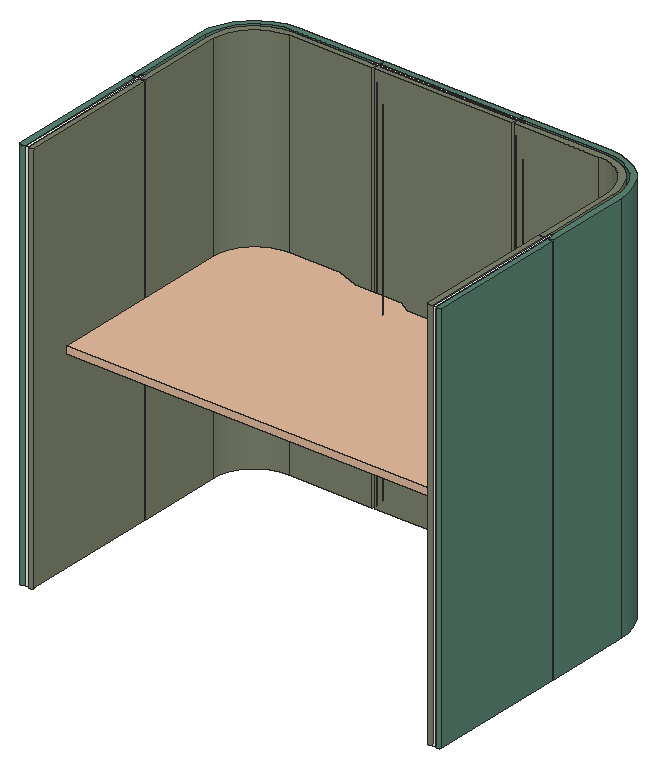
Revit family "NBS_Senator_MeetingPods_EnclaveOne", category Furniture, Revit 2018
Family settings
  Work Plane-Based = No
  Always vertical = Yes
  Cut with Voids When Loaded = No
  Shared = No
  Room Calculation Point = No
Parameters (values of type "PDEN114")
  WarrantyStartDate [instance] = "1900-12-31T23:59:59"
  WarrantyGuarantorParts = "contactus@thesenatorgroup.com"
  WarrantyGuarantorLabor = "n/a"
  WarrantyDurationUnit = "year"
  WarrantyDurationParts = "10"
  WarrantyDurationLabor = "n/a"
  WarrantyDescription = "Senator warrants that its manufactured products are free from manufacturing defects - in materials or workmanship - for a period of ten (10) years on Senator Seating ranges; and fifteen (15) years on Senator Desking ranges - exceptions are listed below. Senator will repair or replace (at Senator’s sole discretion) with comparable free of charge materials / components, any product / component, which fails under normal use in a single shift environment, as a result of a defect in the materials and / or workmanship."
  Version = "1"  # constant formula
  Uniclass2015Version = "Products v1.16"
  Uniclass2015Title = "Meeting Pods"
  Uniclass2015Code = "Pr_40_50_12_53"
  TagNumber [instance] = "n/a"
  SustainabilityPerformance = "99% recyclable"
  Style = "Pods"
  Status = "UNSET"
  Size = "1000 x 1500 x 1400 mm"
  Shape = "n/a"
  SerialNumber [instance] = "n/a"
  SeatWidth = "n/a"
  SeatDepth = "n/a"
  Revision = "n/a"
  ReplacementCost = "n/a"
  Reference = "n/a"
  ProductInformation = "http://www.thesenatorgroup.com/uk/senator/"
  NominalWidth = 1500 mm
  NominalLength = 1500 mm
  NominalHeight = 1400 mm
  NominalDepth = 1000 mm
  Name = "MeetingPods_EnclaveOne_PDEN114_Senator"
  NBSReference = "45-35-20/342"
  NBSDescription = "Meeting pods"
  NBSCertification = "www.nationalbimlibrary.com/cert/4n0gsb3g"
  ModelReference = "Pods-EnclaveOne_PDEN114"
  ModelNumber = "PDEN114"
  Material = "Fabric, metal, plastic"
  ManufacturerURL = "www.senator.co.uk"
  ManufacturerName = "The Senator Group"  # constant formula
  Manufacturer = "sales@senator.co.uk"
  MainColor = "n/a"
  IsBuiltIn = no
  InstallationDate [instance] = "1900-12-31T23:59:59"
  InnerPanelMaterial = NBS_Senator_VirginWool_Lancaster
  OuterPanelMaterial = NBS_Senator_VirginWool_Montcrest
  IfcExportType = "USERDEFINED"  # constant formula
  IfcExportAs = "IfcFurnitureType"  # constant formula
  Grade = "n/a"
  FramesColour = "Black, white"
  FrameMaterial = NBS_Senator_Aluminium_Rigid_Silver
  FinishOptions = "Carini walnut, mocha, autumn, strata oak, maple, highland oak, beech, winter oak, hacienda white, white, light grey, denim, clay, lemon sorbet"
  Finish = "Outer vertical panels upholstered in camira, blazer fabric Two tone is standard"
  Features = "Internal frame with multi-layered acoustic foam, levelling adjusters, blazer fabric, outer vertical panels"
  FabricFinishOptions = "Plymouth, fairfield, latymer, lancaster, silcoates, silverdale, st andrews, trevelyan, ulster, wellington, wesley, manchester,"
  ExpectedLife = "10"
  EnclaveOneWidth = 1500 mm  # constant formula
  EnclaveOneHeight = 1400 mm
  EnclaveOneDepth = 1000 mm  # constant formula
  TableTopMaterial = NBS_Senator_Wood_HighlandOak_2
  DurationUnit = "year"
  Description = "Enclave One - 1400mm high"
  Constituents = "n/a"
  Color = "n/a"
  CodePerformance = "n/a"
  Category = "Pr_40_50_12_53:Meeting pods"
  BarCode [instance] = "n/a"
  BIMObjectName = "NBS_Senator_MeetingPods_EnclaveOne_PDEN114"
  Author = "NBS"  # constant formula
  AssetType = "Fixed"
  AssetIdentifier [instance] = "n/a"
  Accessories = "Monitor arms, PU desk accessories, desk top accessories, CPU holders, electrical accessories, coat hanger, name plate, A2 dry wipe board with hanger, A3 dry wipe board with hanger"
  AccessibilityPerformance = "n/a"
Types (3, lengths in mm): name | WarrantyDescription | Size | NominalHeight | Name | ModelReference | ModelNumber | EnclaveOneHeight | Description | BIMObjectName
  (no name) | "Senator warrants that its manufactured products are free from manufacturing defects - in materials or workmanship - for a period of ten (10) years on Senator Seating ranges; and fifteen (15) years on Senator Desking ranges - exceptions are listed below. Senator will repair or replace (at Senator’s sole discretion) with comparable free of charge materials / components, any product / component, which fails under normal use in a single shift environment, as a result of a defect in the materials and / or workmanship." | "1000 x 1500 x 1400 mm" | 1400 | "MeetingPods_EnclaveOne_PDEN114_Senator" | "Pods-EnclaveOne_PDEN114" | "PDEN114" | 1400 | "Enclave One - 1400mm high" | "NBS_Senator_MeetingPods_EnclaveOne_PDEN114"
  PDEN114 | "Senator warrants that its manufactured products are free from manufacturing defects - in materials or workmanship - for a period of ten (10) years on Senator Seating ranges; and fifteen (15) years on Senator Desking ranges - exceptions are listed below. Senator will repair or replace (at Senator’s sole discretion) with comparable free of charge materials / components, any product / component, which fails under normal use in a single shift environment, as a result of a defect in the materials and / or workmanship." | "1000 x 1500 x 1400 mm" | 1400 | "MeetingPods_EnclaveOne_PDEN114_Senator" | "Pods-EnclaveOne_PDEN114" | "PDEN114" | 1400 | "Enclave One - 1400mm high" | "NBS_Senator_MeetingPods_EnclaveOne_PDEN114"
  PDEN118 | "Senator warrants that its manufactured products are free from manufacturing defects - in materials or workmanship - for a period of ten (10) years on Senator Seating ranges; and fifteen (15) years on Senator Desking ranges - exceptions are listed below. Senator will repair or replace (at Senator’s sole discretion) with comparable free of charge materials / components, any product / component, which fails under normal use in a single shift environment, as a result of a defect in the materials and / or workmanship" | "1000 x 1500 x 1800 mm" | 1800 | "MeetingPods_EnclaveOne_PDEN118_Senator" | "Pods-EnclaveOne_PDEN118" | "PDEN118" | 1800 | "Enclave One - 1800mm high" | "NBS_Senator_MeetingPods_EnclaveOne_PDEN118"
Reference planes
  plane 1 "Center (Front/Back)": y = 0
  plane 2: z = 0
  plane 3 "Center (Left/Right)": x = 0
  plane 4 "Left": x = -750
  plane 5 "Right": x = 750
  plane 6 "Back": y = 500
  plane 7 "Front": y = -500
  plane 8: x = -700
  plane 9: x = 700
  plane 10: y = 450
  plane 11: y = 480
  plane 12: y = 470
  plane 13: x = -730
  plane 14: x = -720
  plane 15: x = 720
  plane 16: x = 730
  plane 17 "Top": z = 1400
  plane 18: z = 710
Forms (mm)
  Extrusion 1, solid, material "NBS_Senator_VirginWool_Montcrest" <- "OuterPanelMaterial", detail levels fine
    sketch origin (0, 0, 0) x (1, 0, 0) y (0, 1, 0)
      loop
        arc (-555, 500) -> (-692.886, 442.886) -> (-750, 305) r 195
        line (-750, 305) -> (-750, 4.072)
        arc (-750, 4.072) -> (-740, -0.938) -> (-730, 4.072) r 12.484
        line (-730, 4.072) -> (-730, 305)
        arc (-730, 305) -> (-678.744, 428.744) -> (-555, 480) r 175
        line (-555, 480) -> (-254.15, 480)
        arc (-254.15, 480) -> (-249.022, 490) -> (-254.15, 500) r 12.314
        line (-254.15, 500) -> (-555, 500)
      loop
        arc (-750, -493.227) -> (-740, -500.002) -> (-730, -493.227) r 10.768
        line (-730, -493.227) -> (-730, -6.928)
        arc (-730, -6.928) -> (-740, -1.895) -> (-750, -6.928) r 12.452
        line (-750, -6.928) -> (-750, -493.227)
      loop
        arc (750, 305) -> (692.886, 442.886) -> (555, 500) r 195
        line (555, 500) -> (254.15, 500)
        arc (254.15, 500) -> (249.022, 490) -> (254.15, 480) r 12.314
        line (254.15, 480) -> (555, 480)
        arc (555, 480) -> (678.744, 428.744) -> (730, 305) r 175
        line (730, 305) -> (730, 4.072)
        arc (730, 4.072) -> (740, -0.928) -> (750, 4.072) r 12.5
        line (750, 4.072) -> (750, 305)
      loop
        arc (730, -493.227) -> (740, -500.001) -> (750, -493.227) r 10.768
        line (750, -493.227) -> (750, -6.928)
        arc (750, -6.928) -> (740, -1.924) -> (730, -6.928) r 12.494
        line (730, -6.928) -> (730, -493.227)
      loop
        line (-243.15, 480) -> (243.15, 480)
        arc (243.15, 480) -> (248.278, 490) -> (243.15, 500) r 12.314
        line (243.15, 500) -> (-243.15, 500)
        arc (-243.15, 500) -> (-248.278, 490) -> (-243.15, 480) r 12.314
    from 0 to 1400
  Extrusion 2, solid, material "NBS_Senator_VirginWool_Lancaster" <- "InnerPanelMaterial", detail levels fine
    sketch origin (0, 0, 0) x (1, 0, 0) y (0, 1, 0)
      loop
        arc (-555, 470) -> (-671.673, 421.673) -> (-720, 305) r 165
        line (-720, 305) -> (-720, 4.072)
        arc (-720, 4.072) -> (-710, -0.96) -> (-700, 4.072) r 12.452
        line (-700, 4.072) -> (-700, 300)
        arc (-700, 300) -> (-656.066, 406.066) -> (-550, 450) r 150
        line (-550, 450) -> (-254.15, 450)
        arc (-254.15, 450) -> (-249.022, 460) -> (-254.15, 470) r 12.314
        line (-254.15, 470) -> (-555, 470)
      loop
        arc (-720, -493.227) -> (-710, -500.003) -> (-700, -493.227) r 10.767
        line (-700, -493.227) -> (-700, -6.928)
        arc (-700, -6.928) -> (-710, -1.924) -> (-720, -6.928) r 12.494
        line (-720, -6.928) -> (-720, -493.227)
      loop
        arc (720, 305) -> (671.673, 421.673) -> (555, 470) r 165
        line (555, 470) -> (254.15, 470)
        arc (254.15, 470) -> (249.106, 460) -> (254.15, 450) r 12.435
        line (254.15, 450) -> (550, 450)
        arc (550, 450) -> (656.066, 406.066) -> (700, 300) r 150
        line (700, 300) -> (700, 4.072)
        arc (700, 4.072) -> (710, -0.934) -> (720, 4.072) r 12.49
        line (720, 4.072) -> (720, 305)
      loop
        arc (700, -493.227) -> (710, -500.002) -> (720, -493.227) r 10.768
        line (720, -493.227) -> (720, -6.928)
        arc (720, -6.928) -> (710, -1.922) -> (700, -6.928) r 12.492
        line (700, -6.928) -> (700, -493.227)
      loop
        line (-243.15, 450) -> (243.15, 450)
        arc (243.15, 450) -> (248.161, 460) -> (243.15, 470) r 12.483
        line (243.15, 470) -> (-243.15, 470)
        arc (-243.15, 470) -> (-248.165, 460) -> (-243.15, 450) r 12.478
    from 0 to 1400
  Extrusion 3, solid, material "NBS_Senator_Aluminium_Rigid_Silver" <- "FrameMaterial", detail levels fine
    sketch origin (0, 0, 0) x (1, 0, 0) y (0, 1, 0)
      loop
        arc (-730, -493.748) -> (-725, -497.477) -> (-720, -493.748) r 5.217
        line (-720, -493.748) -> (-720, 24.145) -> (-730, 24.145) -> (-730, -493.748)
      loop
        line (-274.223, 480) -> (-274.223, 470) -> (274.223, 470) -> (274.223, 480) -> (-274.223, 480)
      loop
        line (720, 24.145) -> (720, -493.738)
        arc (720, -493.738) -> (725, -497.477) -> (730, -493.738) r 5.213
        line (730, -493.738) -> (730, 24.145) -> (720, 24.145)
    from 0 to 1400
  Extrusion 4, solid, material "NBS_Senator_VirginWool_Montcrest" <- "OuterPanelMaterial", detail levels coarse+medium
    sketch origin (0, 0, 0) x (1, 0, 0) y (0, 1, 0)
      loop
        arc (-557.5, 502.5) -> (-695.386, 445.386) -> (-752.5, 307.5) r 195
        line (-752.5, 307.5) -> (-752.5, -487.204)
        arc (-752.5, -487.204) -> (-725, -514.704) -> (-697.5, -487.204) r 27.5
        line (-697.5, -487.204) -> (-697.5, 302.5)
        arc (-697.5, 302.5) -> (-655.03, 405.03) -> (-552.5, 447.5) r 145
        line (-552.5, 447.5) -> (557.5, 447.5)
        arc (557.5, 447.5) -> (656.495, 406.495) -> (697.5, 307.5) r 140
        line (697.5, 307.5) -> (697.5, -486.207)
        arc (697.5, -486.207) -> (725, -513.707) -> (752.5, -486.207) r 27.5
        line (752.5, -486.207) -> (752.5, 302.5)
        arc (752.5, 302.5) -> (693.921, 443.921) -> (552.5, 502.5) r 200
        line (552.5, 502.5) -> (-557.5, 502.5)
    from 0 to 1400
Dimensions and locks
  equal spacing: plane 4 "Left", plane 3 "Center (Left/Right)", plane 5 "Right"
  "EnclaveOneWidth": plane 4 "Left" to plane 5 "Right"
  equal spacing: plane 6 "Back", plane 1 "Center (Front/Back)", plane 7 "Front"
  "EnclaveOneDepth": plane 6 "Back" to plane 7 "Front"
  locked: plane 6 "Back" to plane 10 at 50
  locked: plane 4 "Left" to plane 8 at 50
  locked: plane 9 to plane 5 "Right" at 50
  locked: plane 6 "Back" to plane 11 at 20
  locked: plane 12 to plane 10 at 20
  locked: plane 14 to plane 8 at 20
  locked: plane 4 "Left" to plane 13 at 20
  locked: plane 9 to plane 15 at 20
  locked: plane 16 to plane 5 "Right" at 20
  "EnclaveOneHeight": plane 17 "Top" to level
  locked: plane 18 to level at 710
  aligned and locked: level to plane 2
  aligned and locked: Extrusion 1 sketch curve to plane 6 "Back"
  aligned and locked: plane 4 "Left" to Extrusion 1 sketch curve
  aligned and locked: plane 5 "Right" to Extrusion 1 sketch curve
  aligned and locked: Extrusion 1 sketch curve to plane 11
  aligned and locked: plane 13 to Extrusion 1 sketch curve
  aligned and locked: plane 16 to Extrusion 1 sketch curve
  aligned and locked: Extrusion 1 to plane 17 "Top"
  aligned and locked: Extrusion 2 sketch curve to plane 12
  aligned and locked: Extrusion 2 sketch curve to plane 14
  aligned and locked: Extrusion 2 sketch curve to plane 15
  aligned and locked: Extrusion 2 sketch curve to plane 10
  aligned and locked: plane 8 to Extrusion 2 sketch curve
  aligned and locked: Extrusion 2 sketch curve to plane 9
  aligned and locked: Extrusion 2 to plane 17 "Top"
  aligned and locked: plane 14 to Extrusion 3 sketch curve
  aligned and locked: plane 13 to Extrusion 3 sketch curve
  aligned and locked: Extrusion 3 sketch curve to plane 11
  aligned and locked: plane 12 to Extrusion 3 sketch curve
  aligned and locked: plane 16 to Extrusion 3 sketch curve
  aligned and locked: plane 15 to Extrusion 3 sketch curve
  aligned and locked: Extrusion 3 to plane 17 "Top"
  aligned and locked: nested 1 to plane 18
  aligned and locked: Extrusion 4 to plane 17 "Top"
Automatic sketch dimensions
  plane 13 to Extrusion 3 sketch curve = 5 mm
  Extrusion 3 sketch curve to plane 3 "Center (Left/Right)" = 274.223 mm
  plane 3 "Center (Left/Right)" to Extrusion 3 sketch curve = 274.223 mm
  plane 15 to Extrusion 3 sketch curve = 5 mm
  Extrusion 3 sketch curve to plane 1 "Center (Front/Back)" = 24.145 mm  (x2)
  plane 7 "Front" to Extrusion 3 sketch curve = 7.739 mm
  plane 7 "Front" to Extrusion 3 sketch curve = 7.735 mm
  Extrusion 3 sketch curve to Extrusion 3 sketch curve = 1.474 mm
  Extrusion 3 sketch curve to Extrusion 3 sketch curve = 1.488 mm
  Extrusion 2 sketch curve to plane 14 = 0 mm
  Extrusion 2 sketch curve to plane 8 = 0 mm
  Extrusion 2 sketch curve to plane 10 = 0 mm  (x2)
  Extrusion 2 sketch curve to plane 12 = 0 mm  (x2)
  Extrusion 2 sketch curve to plane 9 = 0 mm
  Extrusion 2 sketch curve to plane 15 = 0 mm
  Extrusion 2 sketch curve to plane 8 = 10 mm  (x3)
  plane 8 to Extrusion 2 sketch curve = 145 mm
  Extrusion 2 sketch curve to Extrusion 2 sketch curve = 5 mm  (x2)
  plane 10 to Extrusion 2 sketch curve = 10 mm  (x2)
  Extrusion 2 sketch curve to plane 3 "Center (Left/Right)" = 261.335 mm
  Extrusion 2 sketch curve to Extrusion 2 sketch curve = 7.186 mm
  Extrusion 2 sketch curve to Extrusion 2 sketch curve = 11 mm  (x4)
  Extrusion 2 sketch curve to Extrusion 2 sketch curve = 7.463 mm
  plane 3 "Center (Left/Right)" to Extrusion 2 sketch curve = 235.679 mm
  Extrusion 2 sketch curve to Extrusion 2 sketch curve = 7.471 mm
  Extrusion 2 sketch curve to Extrusion 2 sketch curve = 7.392 mm
  Extrusion 2 sketch curve to plane 9 = 150 mm
  plane 9 to Extrusion 2 sketch curve = 10 mm  (x3)
  Extrusion 2 sketch curve to plane 1 "Center (Front/Back)" = 11.555 mm
  Extrusion 2 sketch curve to plane 1 "Center (Front/Back)" = 11.491 mm
  Extrusion 2 sketch curve to plane 1 "Center (Front/Back)" = 4.072 mm  (x2)
  plane 1 "Center (Front/Back)" to Extrusion 2 sketch curve = 6.928 mm  (x2)
  Extrusion 2 sketch curve to Extrusion 2 sketch curve = 7.487 mm
  Extrusion 2 sketch curve to Extrusion 2 sketch curve = 7.49 mm
  plane 7 "Front" to Extrusion 2 sketch curve = 10.766 mm
  plane 7 "Front" to Extrusion 2 sketch curve = 10.764 mm
  plane 7 "Front" to Extrusion 2 sketch curve = 6.773 mm  (x2)
  Extrusion 1 sketch curve to Extrusion 1 sketch curve = 0 mm  (x4)
  Extrusion 1 sketch curve to plane 4 "Left" = 0 mm
  Extrusion 1 sketch curve to plane 11 = 0 mm  (x2)
  Extrusion 1 sketch curve to plane 6 "Back" = 0 mm
  Extrusion 1 sketch curve to plane 16 = 0 mm
  Extrusion 1 sketch curve to plane 5 "Right" = 0 mm
  plane 4 "Left" to Extrusion 1 sketch curve = 10 mm  (x3)
  plane 8 to Extrusion 1 sketch curve = 145 mm
  Extrusion 1 sketch curve to plane 6 "Back" = 10 mm  (x2)
  Extrusion 1 sketch curve to plane 3 "Center (Left/Right)" = 261.336 mm
  Extrusion 1 sketch curve to Extrusion 1 sketch curve = 7.186 mm  (x2)
  Extrusion 1 sketch curve to Extrusion 1 sketch curve = 11 mm  (x4)
  Extrusion 1 sketch curve to Extrusion 1 sketch curve = 7.185 mm  (x2)
  plane 3 "Center (Left/Right)" to Extrusion 1 sketch curve = 235.964 mm
  Extrusion 1 sketch curve to plane 9 = 145 mm
  plane 5 "Right" to Extrusion 1 sketch curve = 10 mm  (x3)
  Extrusion 1 sketch curve to plane 1 "Center (Front/Back)" = 11.572 mm
  Extrusion 1 sketch curve to plane 1 "Center (Front/Back)" = 11.546 mm
  Extrusion 1 sketch curve to plane 1 "Center (Front/Back)" = 4.072 mm  (x2)
  plane 1 "Center (Front/Back)" to Extrusion 1 sketch curve = 6.928 mm  (x2)
  Extrusion 1 sketch curve to Extrusion 1 sketch curve = 7.419 mm
  Extrusion 1 sketch curve to Extrusion 1 sketch curve = 7.49 mm
  plane 7 "Front" to Extrusion 1 sketch curve = 10.767 mm
  plane 7 "Front" to Extrusion 1 sketch curve = 10.766 mm
  plane 7 "Front" to Extrusion 1 sketch curve = 6.773 mm  (x2)
  Extrusion 4 sketch curve to plane 4 "Left" = 2.5 mm
  plane 13 to Extrusion 4 sketch curve = 5 mm
  Extrusion 4 sketch curve to Extrusion 4 sketch curve = 140 mm
  Extrusion 4 sketch curve to plane 10 = 2.5 mm
  Extrusion 4 sketch curve to Extrusion 4 sketch curve = 5 mm  (x2)
  plane 6 "Back" to Extrusion 4 sketch curve = 2.5 mm
  Extrusion 4 sketch curve to plane 9 = 147.5 mm
  Extrusion 4 sketch curve to plane 9 = 2.5 mm
  plane 15 to Extrusion 4 sketch curve = 5 mm
  plane 7 "Front" to Extrusion 4 sketch curve = 13.793 mm
  plane 7 "Front" to Extrusion 4 sketch curve = 12.796 mm
Nested families
  nested 1: "NBS_Senator_Desk_PDBDA14" at (-0.125, 48.75, 685), type "NBS_Senator_Desk_PDBDA14"
Definition of nested family "NBS_Senator_Desk_PDBDA14"
  Parameters (values of type "NBS_Senator_Desk_PDBDA14")
    DeskWidth = 1394 mm
    DeskThickness = 25 mm
    DeskMaterial = none
    DeskDepth = 800 mm
  Reference planes
    plane 1 "Back": y = 0
    plane 2 "Bottom": z = 0
    plane 3 "Center (Left/Right)": x = 0
    plane 4 "Left": x = -697
    plane 5 "Right": x = 697
    plane 6 "Front": y = -400
    plane 7 "Top": z = 25
    plane 8: y = 400
  Forms (mm)
    Extrusion 1, solid, material <- "DeskMaterial", detail levels medium+fine
      sketch origin (0, 400, 0) x (1, 0, 0) y (0, 1, 0)
        loop
          arc (-547, 0) -> (-653.066, -43.934) -> (-697, -150) r 150
          line (-697, -150) -> (-697, -800) -> (697, -800) -> (697, -150)
          arc (697, -150) -> (653.066, -43.934) -> (547, 0) r 150
          line (547, 0) -> (369.041, 0) -> (289.799, -29.69) -> (126.526, -29.69) -> (84.186, -54.135) -> (-84.186, -54.135) -> (-126.526, -29.69) -> (-289.799, -29.69) -> (-369.041, 0) -> (-547, 0)
      from 0 to 25
    Extrusion 2, solid, material <- "DeskMaterial", detail levels coarse
      sketch origin (0, 0, 0) x (1, 0, 0) y (0, 1, 0)
        loop
          arc (-549, 400) -> (-653.652, 356.652) -> (-697, 252) r 148
          line (-697, 252) -> (-697, -400) -> (697, -400) -> (697, 257.372)
          arc (697, 257.372) -> (655.225, 358.225) -> (554.372, 400) r 142.628
          line (554.372, 400) -> (-549, 400)
      from 0 to 25
  Dimensions and locks
    equal spacing: plane 4 "Left", plane 3 "Center (Left/Right)", plane 5 "Right"
    "DeskWidth": plane 4 "Left" to plane 5 "Right"
    Extrusion 1 sketch curve to Extrusion 1 sketch curve to Extrusion 1 sketch curve to plane 3 "Center (Left/Right)" to Extrusion 1 sketch curve to Extrusion 1 sketch curve to Extrusion 1 sketch curve = 79.242 mm locked, 163.273 mm locked, 126.526 mm locked, 126.526 mm locked, 163.273 mm locked, 79.242 mm locked
    "DeskThickness": plane 7 "Top" to level
    equal spacing: plane 8, plane 1 "Back", plane 6 "Front"
    "DeskDepth": plane 8 to plane 6 "Front"
    aligned and locked: level to plane 2 "Bottom"
    aligned and locked: plane 4 "Left" to Extrusion 1 sketch curve
    aligned and locked: Extrusion 1 sketch curve to plane 5 "Right"
    aligned and locked: Extrusion 1 to plane 2 "Bottom"
    aligned and locked: plane 7 "Top" to Extrusion 1
    aligned and locked: Extrusion 1 to plane 6 "Front"
    aligned and locked: Extrusion 1 to plane 4 "Left"
    aligned and locked: plane 5 "Right" to Extrusion 1
    aligned and locked: plane 8 to Extrusion 1  (x2)
    aligned and locked: Extrusion 2 sketch curve to plane 8
    aligned and locked: plane 4 "Left" to Extrusion 2 sketch curve
    aligned and locked: plane 6 "Front" to Extrusion 2 sketch curve
    aligned and locked: Extrusion 2 sketch curve to plane 5 "Right"
    aligned and locked: plane 7 "Top" to Extrusion 2
  Automatic sketch dimensions
    plane 4 "Left" to Extrusion 1 sketch curve = 150 mm
    Extrusion 1 sketch curve to plane 1 "Back" = 250 mm  (x2)
    Extrusion 1 sketch curve to plane 1 "Back" = 370.31 mm  (x2)
    Extrusion 1 sketch curve to Extrusion 1 sketch curve = 42.34 mm  (x2)
    Extrusion 1 sketch curve to plane 1 "Back" = 400 mm
    Extrusion 1 sketch curve to Extrusion 1 sketch curve = 24.445 mm
    plane 1 "Back" to Extrusion 1 sketch curve = 400 mm
    Extrusion 2 sketch curve to Extrusion 2 sketch curve = 148 mm
    Extrusion 2 sketch curve to plane 5 "Right" = 142.628 mm
